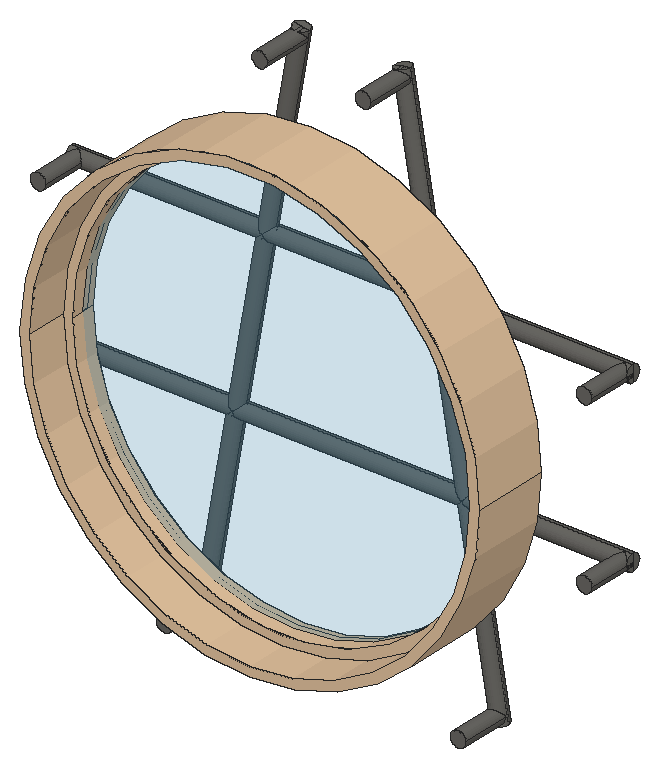
Revit family
Parameters (values of type "36" Diameter")
  Assembly Code = "B2020100"
  Glass Pane Material = Glass
  Sash Material = Sash
  Default Sill Height = 2' - 6"
  Trim Exterior Material = Trim
  Trim Interior Material = Trim
  Trim Projection - Ext. = 0' - 0 1/2"
  Trim Projection - Int. = 0' - 0 3/4"
  Trim Width - Exterior = 0' - 3 1/2"
  Trim Width - Interior = 0' - 3 1/2"
  Wall Closure = (empty or 0)
  Width = 3' - 0"
Types (4): name | Default Sill Height | Width
  48" Diameter | 2' - 0" | 4' - 0"
  36" Diameter | 2' - 6" | 3' - 0"
  24" Diameter | 3' - 0" | 2' - 0"
  60" Diameter | 1' - 6" | 5' - 0"
Reference planes (in)
  plane 1: y = 0
  plane 2 "Top": z = 66
  plane 3 "Sill": z = 30
  plane 4: z = 48
  plane 5: x = -18
  plane 6: x = 0
  plane 7: x = 18
  plane 8: x = 17.25
  plane 9: x = 20.75
  plane 10: x = -17.25
  plane 11: x = -20.75
  plane 12 "Closure": y = 1.25
  plane 13 "rod iron end": y = 7
Forms (in)
  Extrusion 1, solid, material "Sash" <- "Sash Material"
    sketch origin (0, 0, 0) x (1, 0, 0) y (0, 0, 1)
      loop
        circle (0, 48) r 18
      loop
        circle (0, 48) r 17.25
    from -3 to 3
  Extrusion 2, solid, material "Sash" <- "Sash Material"
    sketch origin (0, 0, 0) x (1, 0, 0) y (0, 0, 1)
      loop
        circle (0, 48) r 17.25
      loop
        circle (0, 48) r 16.5
    from -2.25 to -0.25
  Extrusion 3, solid, material "Glass" <- "Glass Pane Material"
    sketch origin (0, 0, 0) x (1, 0, 0) y (0, 0, 1)
      loop
        circle (0, 48) r 16.5
    from -1.75 to -1.25
  Revolve 4, solid, material "iron'"
    sketch origin (-13.56963, 7, 0.40489) x (-0.173648, 0, -0.984808) y (-0.984808, 0, 0.173648)
      loop
        line (-70.09194, 1.98746) -> (-26, 1.98746) -> (-26, 2.61246) -> (-70.09194, 2.61246) -> (-70.09194, 1.98746)
      axis (-26, 2.61246) -> (-70.09194, 2.61246)
    angle from 0 to 360
  Revolve 5, solid, material "iron'"
    sketch origin (13.56963, 7, 0.40489) x (0.173648, 0, -0.984808) y (0.984808, 0, 0.173648)
      loop
        line (-70.09194, 1.98746) -> (-26, 1.98746) -> (-26, 2.61246) -> (-70.09194, 2.61246) -> (-70.09194, 1.98746)
      axis (-26, 2.61246) -> (-70.09194, 2.61246)
    angle from 0 to 360
  Revolve 6, solid, material "iron'"
    sketch origin (0, 7, 0) x (0, 0, -1) y (-1, 0, 0)
      loop
        line (-54.625, 22) -> (-55.25, 22) -> (-55.25, -22) -> (-54.625, -22) -> (-54.625, 22)
      axis (-54.625, 22) -> (-54.625, -22)
    angle from 0 to 360
  Revolve 7, solid, material "iron'"
    sketch origin (0, 7, 96) x (0, 0, 1) y (-1, 0, 0)
      loop
        line (-54.625, 22) -> (-55.25, 22) -> (-55.25, -22) -> (-54.625, -22) -> (-54.625, 22)
      axis (-54.625, 22) -> (-54.625, -22)
    angle from 0 to 360
  Extrusion 8, solid, material "iron'"
    sketch origin (-60, 3, 0) x (-1, 0, 0) y (0, 0, 1)
      loop
        circle (-64.07153, 69.29314) r 0.60391
    from 0 to 4
  Extrusion 9, solid, material "iron'"
    sketch origin (-68.10737, 3, 0) x (-1, 0, 0) y (0, 0, 1)
      loop
        circle (-64.07153, 69.29314) r 0.60391
    from 0 to 4
  Extrusion 10, solid, material "iron'"
    sketch origin (-42.67918, 3, -14.66456) x (-1, 0, 0) y (0, 0, 1)
      loop
        circle (-64.07153, 69.29314) r 0.60391
    from 0 to 4
  Extrusion 11, solid, material "iron'"
    sketch origin (-85.46762, 3, -14.66456) x (-1, 0, 0) y (0, 0, 1)
      loop
        circle (-64.07153, 69.29314) r 0.60391
    from 0 to 4
  Extrusion 12, solid, material "iron'"
    sketch origin (-42.67918, 3, 110.66456) x (-1, 0, 0) y (0, 0, 1)
      loop
        circle (-64.07153, -69.29314) r 0.60391
    from 0 to 4
  Extrusion 13, solid, material "iron'"
    sketch origin (-85.46762, 3, 110.66456) x (-1, 0, 0) y (0, 0, 1)
      loop
        circle (-64.07153, -69.29314) r 0.60391
    from 0 to 4
  Extrusion 14, solid, material "iron'"
    sketch origin (-52.55114, 3, -42.24458) x (-1, 0, 0) y (0, 0, 1)
      loop
        circle (-64.07153, 69.29314) r 0.60391
    from 0 to 4
  Extrusion 15, solid, material "iron'"
    sketch origin (52.55114, 3, -42.24458) x (1, 0, 0) y (0, 0, -1)
      loop
        circle (-64.07153, -69.29314) r 0.60391
    from 0 to 4
Lines and regions (in)
  Opening 1
    outline origin (-60, -3, 0) x (1, 0, 0) y (0, 0, 1)
      loop
        circle (60, 48) r 18
Text (in)
  text "Exterior" at (0, 40.15149, 123.01588), in view "Right"
  text "Exterior" at (-58.37056, 28.46503, 0), in view "Floor Line"
  text "Exterior" at (0, 47.49176, 116.85422), in view "Left"
